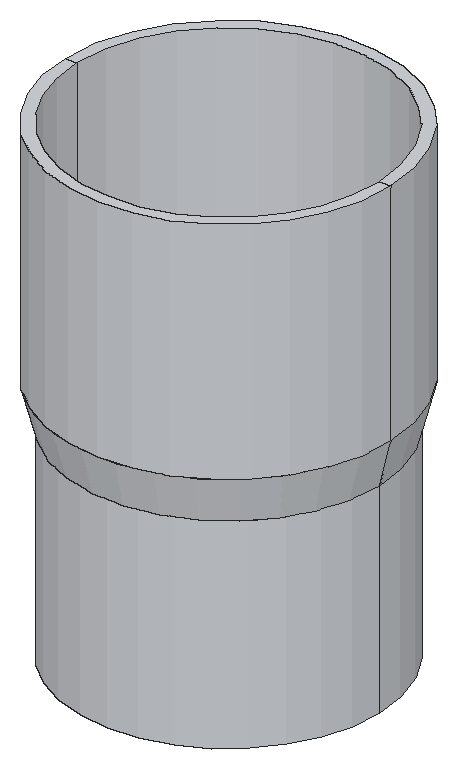
Revit family "FA4B", category Generic Models, Revit 2017
Family settings
  Can host rebar = No
  Round Connector Dimension = Use Diameter
  Part Type = Normal
  Work Plane-Based = Yes
  Always vertical = No
  Cut with Voids When Loaded = No
  Shared = No
  Room Calculation Point = No
Parameters (values of type "NBS Standard Parameters")
  Weight = "0.0493Kg"
  WarrantyStartDate [instance] = "1900-12-31T23:59:59"
  WarrantyGuarantorParts = "n/a"
  WarrantyGuarantorLabor = "n/a"
  WarrantyDurationUnit = "1 year"
  WarrantyDurationParts = "n/a"
  WarrantyDurationLabor = "n/a"
  WarrantyDescription = "n/a"
  Version = "1"
  Uniclass2 = "Pr_65_70_11_20"
  TagNumber [instance] = "n/a"
  SustainabilityPerformance = "n/a"
  Size = "1\" ( Male)"
  Shape = "Circular"
  SerialNumber [instance] = "n/a"
  Revision = "n/a"
  ReplacementCost = "n/a"
  ProductInformation = "www.metpro.co.uk/pdf/FA4G.pdf"
  NominalWidth = 28 mm
  NominalLength = 28 mm
  NominalHeight = 42 mm
  Name = ""
  NBSTypeID = ""
  NBSReference = "90-55-10/460"
  NBSOfficeMasterTag = ""
  NBSNote = ""
  NBSDescription = "Conduit Fittings"
  NBSCertification = ""
  ModelReference = "FA4B"
  ModelNumber = "n/a"
  Material = "Steel"
  ManufacturerURL = "www.metpro.co.uk"
  ManufacturerName = "Metpro Ltd"
  Keynote = "Compliant to LU standard 1-085"
  InstallationDate [instance] = "1900-12-31T23:59:59"
  IfcExportType = ""
  IfcExportAs = ""
  Grade = "n/a"
  Finish = "Black"
  Features = "n/a"
  ExpectedLife = "n/a"
  DurationUnit = "year"
  Description = "FA4B     1\" male -25mm Female Conduit Adaptor"
  Default Elevation = 1219.2 mm
  Constituents = "n/a"
  Color = "n/a"
  CodePerformance = "n/a"
  Category = "n/a"
  BarCode [instance] = "n/a"
  BIMObjectName = "Metpro_Metprolibrary_Conduitfittings_Metalcomponent_steelaccessories"
  Author = "Metpro Limited"
  AssetType = ""
  AssetIdentifier [instance] = "n/a"
  AccessibilityPerformance = "n/a"
Reference planes
  plane 1 "Center (Front/Back)": y = 0
  plane 2: z = 0
  plane 3 "Center (Left/Right)": x = 0
Forms (mm)
  Revolve 1, solid
    sketch origin (-11.449, -14.963, 29.193) x (0, 0, -1) y (1, 0, 0)
      loop
        line (-13.226, -4.348) -> (-13.226, -5.381) -> (6.774, -5.381) -> (10.262, -6.315) -> (28.774, -6.315) -> (28.774, -5.381) -> (10.783, -5.381) -> (6.929, -4.348) -> (-13.226, -4.348)
      axis (-13.226, -18.702) -> (28.774, -18.702)
    angle from 0 to 360
Dimensions and locks
  aligned and locked: level to plane 2
  aligned and locked: Revolve 1 sketch curve to Revolve 1 sketch curve
